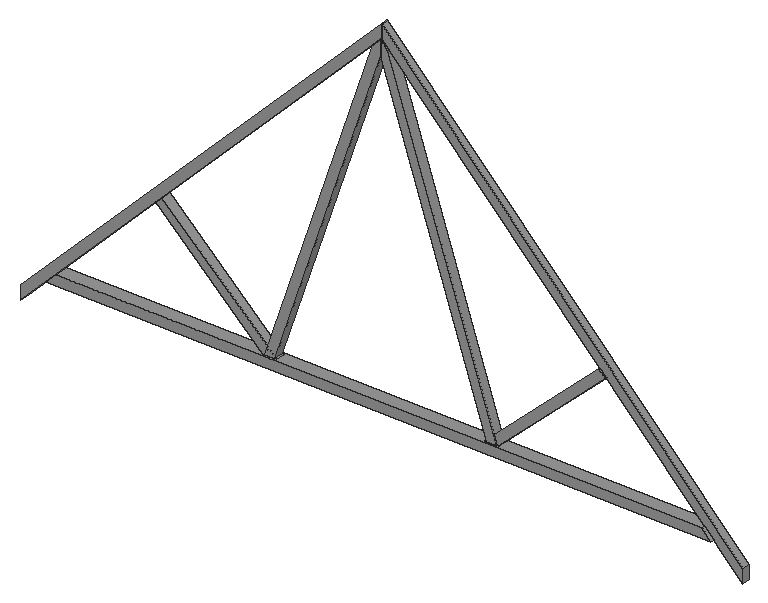
Revit family "FinkTruss", category Structural Framing, Revit 2021
Family settings
  Section Shape = Not Defined
  Material for Model Behavior = Wood
  Always export as geometry = No
  OmniClass Number = 23.25.30.21.14
  OmniClass Title = Trussed Beams and Joists
  Work Plane-Based = No
  Always vertical = Yes
  Cut with Voids When Loaded = No
  Symbolic Representation = From Family
  Shared = No
  Show family pre-cut in plan views = Yes
Parameters
  WebWidth [instance] = 100 mm
  WebDepth [instance] = 100 mm
  T_Volume [instance] = 0.00 m³
  TopWidth [instance] = 75 mm
  Structural Material [instance] = Poche
  SpanRight [instance] = 3500 mm
  SpanLeft [instance] = 3500 mm
  Span [instance] = SpanLeft + SpanRight  # 7000 mm
  SlopeRight [instance] = 45.00°
  SlopeLeft [instance] = 45.00°
  OverhangRight [instance] = 300 mm
  OverhangLeft [instance] = 300 mm
  TopDepth [instance] = 100 mm
  BottomWidth [instance] = 150 mm
  BottomDepth [instance] = 100 mm
Reference planes
  plane 1 "Center (Front/Back)": y = 0
  plane 2: z = 0
  plane 3 "Center (Left/Right)": x = 0
  plane 4: x = -3500
  plane 5: x = 3500
  plane 6: x = 3800
  plane 7: x = -3800
  plane 8: z = 100
  plane 9: x = 1166.667
  plane 10: x = -1166.667
  plane 11: x = 2333.333
  plane 12: x = -2333.333
Forms (mm)
  Extrusion 1, solid, material "Cherry"
    sketch origin (0, 0, 0) x (1, 0, 0) y (0, 0, 1)
      loop
        line (-3800, -300) -> (0, 3500) -> (0, 3641.421) -> (-3800, -158.579) -> (-3800, -300)
    from -37.5 to 37.5
  Extrusion 2, solid, material "Cherry"
    sketch origin (0, 0, 0) x (1, 0, 0) y (0, 0, 1)
      loop
        line (3800, -300) -> (3800, -158.579) -> (0, 3641.421) -> (0, 3500) -> (3800, -300)
    from -37.5 to 37.5
  Extrusion 3, solid, material "Cherry"
    sketch origin (0, 0, 0) x (1, 0, 0) y (0, 0, 1)
      loop
        line (-3500, 0) -> (3500, 0) -> (3400, 100) -> (-3400, 100) -> (-3500, 0)
    from -75 to 75
  Extrusion 4, solid, material "Cherry"
    sketch origin (0, 0, 0) x (1, 0, 0) y (0, 0, 1)
      loop
        line (1240.766, 100) -> (2368.724, 1131.276) -> (2297.943, 1202.057) -> (1092.567, 100) -> (1240.766, 100)
    from -50 to 50
  Extrusion 5, solid, material "Cherry"
    sketch origin (0, 0, 0) x (1, 0, 0) y (0, 0, 1)
      loop
        line (0, 3345.946) -> (0, 3500) -> (-80.476, 3419.524) -> (-1219.528, 100) -> (-1113.805, 100) -> (0, 3345.946)
    from -50 to 50
  Extrusion 6, solid, material "Cherry"
    sketch origin (0, 0, 0) x (1, 0, 0) y (0, 0, 1)
      loop
        line (-1092.567, 100) -> (-2297.943, 1202.057) -> (-2368.724, 1131.276) -> (-1240.766, 100) -> (-1092.567, 100)
    from -50 to 50
  Extrusion 7, solid, material "Cherry"
    sketch origin (0, 0, 0) x (1, 0, 0) y (0, 0, 1)
      loop
        line (80.476, 3419.524) -> (0, 3500) -> (0, 3345.946) -> (1113.805, 100) -> (1219.528, 100) -> (80.476, 3419.524)
    from -50 to 50
Lines and regions (mm)
  reference lines
    curve 1: line (3500, 0, 0) -> (1307.969, 0, 2192.031)
    curve 2: line (-3500, 0, 0) -> (-1025.126, 0, 2474.874)
    curve 3: line (3535.636, 0, 105.785) -> (-8.024, 0, 3649.445)
    curve 4: line (-3495.19, 0, 146.231) -> (-66.332, 0, 3575.09)
    curve 5: line (0, 37.5, 1939.254) -> (0, 37.5, -520.746)
    curve 6: line (0, -37.5, 1939.254) -> (0, -37.5, -520.746)
    curve 7: line (0, 0, 3500) -> (1166.667, 0, 100)
    curve 8: line (1166.667, 0, 100) -> (2333.333, 0, 1166.667)
    curve 9: line (-39.357, 0, 3460.643) -> (1148.103, 0, 0.046)
    curve 10: line (1104.505, 0, 110.915) -> (2298.87, 0, 1202.906)
    curve 11: line (1222.587, 0, 83.379) -> (2367.796, 0, 1130.428)
    curve 12: line (0, 0, 3500) -> (-1166.667, 0, 100)
    curve 13: line (-1166.667, 0, 100) -> (-2333.333, 0, 1166.667)
    curve 14: line (-46.606, 0, 3518.23) -> (-1222.714, 0, 90.716)
    curve 15: line (-399.352, 0, 2182.119) -> (-1150.677, 0, -7.455)
    curve 16: line (-1108.733, 0, 114.78) -> (-2297.76, 0, 1201.891)
    curve 17: line (-1221.7, 0, 82.568) -> (-2368.907, 0, 1131.443)
    curve 18: line (0, -50, 1939.254) -> (0, -50, -520.746)
    curve 19: line (0, -75, 1939.254) -> (0, -75, -520.746)
    curve 20: line (0, 50, 1939.254) -> (0, 50, -520.746)
    curve 21: line (0, 75, 1939.254) -> (0, 75, -520.746)
    curve 22: line (21.367, 0, 3591.784) -> (1215.075, 0, 112.979)
Dimensions and locks
  "SpanLeft": plane 3 "Center (Left/Right)" to plane 5
  "SpanRight": plane 3 "Center (Left/Right)" to plane 4
  "OverhangLeft": plane 5 to plane 6
  "OverhangRight": plane 7 to plane 4
  "BottomDepth": level to plane 8
  "TopDepth": curve 1 to curve 3
  "TopDepth": curve 4 to curve 2
  plane 3 "Center (Left/Right)" to plane 4 = 3500 mm
  plane 3 "Center (Left/Right)" to plane 5 = 3500 mm
  equal spacing: curve 5, curve 4, curve 6
  "TopWidth": curve 5 to curve 6
  equal spacing: plane 5, plane 11, plane 9, plane 3 "Center (Left/Right)"
  equal spacing: plane 3 "Center (Left/Right)", plane 10, plane 12, plane 4
  equal spacing: curve 11, curve 8, curve 10
  "WebDepth": curve 11 to curve 10
  equal spacing: curve 14, curve 12, curve 15
  "WebDepth": curve 14 to curve 15
  equal spacing: curve 16, curve 13, curve 17
  "WebDepth": curve 16 to curve 17
  equal spacing: curve 20, curve 4, curve 18
  "WebWidth": curve 20 to curve 18
  equal spacing: curve 21, curve 4, curve 19
  "BottomWidth": curve 21 to curve 19
  equal spacing: curve 9, curve 7, curve 22
  "WebDepth": curve 9 to curve 22
  "SlopeLeft": angle level to curve 1
  "SlopeRight": angle curve 2 to level
  aligned and locked: plane 2 to level
  aligned and locked: Extrusion 1 sketch curve to curve 2
  aligned and locked: Extrusion 1 sketch curve to curve 4
  aligned and locked: Extrusion 1 sketch curve to curve 6
  aligned and locked: plane 7 to Extrusion 1 sketch curve
  aligned and locked: Extrusion 1 to curve 5
  aligned and locked: Extrusion 1 to curve 6
  aligned and locked: Extrusion 2 sketch curve to curve 1
  aligned and locked: Extrusion 2 sketch curve to curve 3
  aligned and locked: Extrusion 2 sketch curve to curve 6
  aligned and locked: Extrusion 2 sketch curve to plane 6
  aligned and locked: Extrusion 2 to curve 5
  aligned and locked: Extrusion 2 to curve 6
  aligned and locked: Extrusion 3 sketch curve to level
  aligned and locked: Extrusion 3 sketch curve to plane 8
  aligned and locked: Extrusion 1 to Extrusion 3 sketch curve
  aligned and locked: Extrusion 2 to Extrusion 3 sketch curve
  aligned and locked: plane 8 to curve 7
  aligned and locked: plane 9 to curve 7
  aligned and locked: plane 10 to curve 12
  aligned and locked: Extrusion 3 to curve 19
  aligned and locked: curve 21 to Extrusion 3
  aligned and locked: curve 11 to Extrusion 4 sketch curve
  aligned and locked: Extrusion 4 sketch curve to curve 10
  aligned and locked: Extrusion 3 to Extrusion 4 sketch curve
  aligned and locked: Extrusion 2 to Extrusion 4 sketch curve
  aligned and locked: Extrusion 5 sketch curve to curve 15
  aligned and locked: curve 14 to Extrusion 5 sketch curve
  aligned and locked: Extrusion 5 sketch curve to plane 3 "Center (Left/Right)"
  aligned and locked: Extrusion 3 to Extrusion 5 sketch curve
  aligned and locked: Extrusion 1 to Extrusion 5 sketch curve
  aligned and locked: Extrusion 6 sketch curve to curve 16
  aligned and locked: curve 17 to Extrusion 6 sketch curve
  aligned and locked: Extrusion 1 to Extrusion 6 sketch curve
  aligned and locked: Extrusion 3 to Extrusion 6 sketch curve
  aligned and locked: curve 22 to Extrusion 7 sketch curve
  aligned and locked: curve 9 to Extrusion 7 sketch curve
  aligned and locked: Extrusion 7 sketch curve to Extrusion 2
  aligned and locked: Extrusion 7 sketch curve to curve 19
  aligned and locked: Extrusion 3 to Extrusion 7 sketch curve
  aligned and locked: curve 20 to Extrusion 4
  aligned and locked: Extrusion 4 to curve 18
  aligned and locked: curve 20 to Extrusion 6
  aligned and locked: Extrusion 6 to curve 18
  aligned and locked: Extrusion 5 to Extrusion 4  (x2)
  aligned and locked: Extrusion 7 to Extrusion 4
  aligned and locked: Extrusion 7 to Extrusion 5
Automatic sketch dimensions
  curve 2 to level = 0 mm
  plane 4 to curve 2 = 0 mm
  plane 12 to curve 13 = 0 mm
  curve 12 to plane 3 "Center (Left/Right)" = 0 mm
  curve 8 to plane 11 = 0 mm
  curve 1 to level = 0 mm
  plane 5 to curve 1 = 0 mm
  curve 13 to plane 8 = 0 mm
  curve 4 to plane 4 = 4.81 mm
  plane 12 to curve 17 = 35.573 mm
  curve 16 to plane 12 = 35.573 mm
  curve 14 to plane 8 = 9.284 mm
  curve 17 to plane 8 = 17.432 mm
  curve 15 to level = 7.455 mm
  curve 15 to plane 3 "Center (Left/Right)" = 399.352 mm
  curve 4 to plane 3 "Center (Left/Right)" = 66.332 mm
  curve 14 to plane 3 "Center (Left/Right)" = 46.606 mm
  curve 3 to plane 3 "Center (Left/Right)" = 8.024 mm
  plane 3 "Center (Left/Right)" to curve 22 = 21.367 mm
  plane 8 to curve 10 = 10.915 mm
  level to curve 9 = 0.046 mm
  plane 8 to curve 22 = 12.979 mm
  curve 11 to plane 8 = 16.621 mm
  curve 10 to plane 11 = 34.463 mm
  plane 11 to curve 11 = 34.463 mm
  plane 8 to curve 3 = 5.785 mm
  curve 21 to level = 520.746 mm
  curve 5 to curve 21 = 0 mm  (x2)
  curve 19 to curve 5 = 0 mm
  curve 19 to curve 6 = 0 mm  (x2)
  curve 18 to curve 19 = 0 mm  (x2)
  curve 21 to curve 20 = 0 mm
  plane 8 to curve 6 = 1839.254 mm
  curve 6 to curve 20 = 0 mm
  curve 6 to curve 21 = 0 mm
